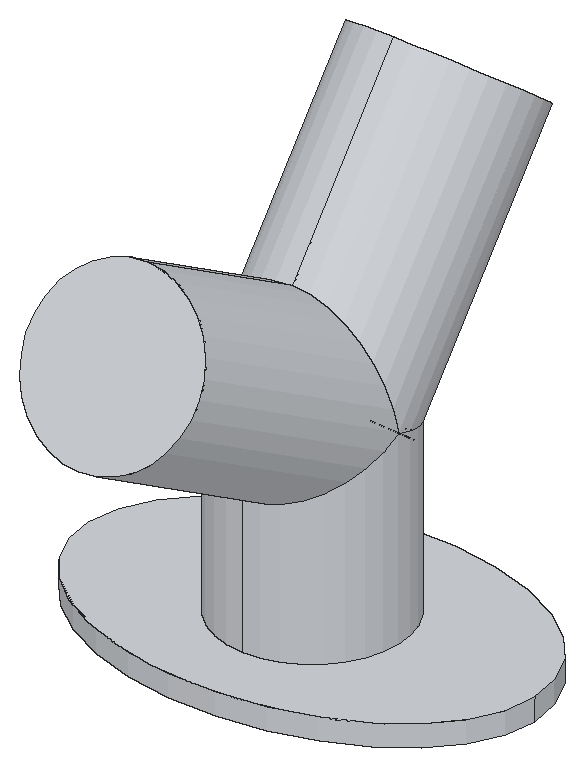
Revit family "Prier C-155", category Plumbing Fixtures, host Face, Revit 2012
Parameters (values of type "3/4" Inlet")
  Waste Connection = no
  Vent Connection = no
  URL = "http://www.prier.com/content/spec-sheets.html"
  Type Comments = if(Satin Nickel Plated, "Satin Nickel Plated", if(Rough Brass, "Rough Brass", "Custom"))  # "Satin Nickel Plated"
  Satin Nickel Plated = yes
  Rough Brass = no
  Model = "C-155"
  Manufacturer = "Prier"
  Inlet Radius = Inlet Size / 2  # 0' - 0 3/8"
  Inlet Size = 3/4"
  HW Connection = no
  Default Elevation = 2' - 0"
  Custom = no
  Code Standards = "ASSE 1019, ASSE 1052, & CUPC"
  Code Listings = "ASSE. CUPC, & IAPMO"
  CW Connection = yes
Types (3): name | Inlet Radius | Inlet Size
  (no name) | 0' - 0 3/8" | 3/4"
  3/4" Inlet | 0' - 0 3/8" | 3/4"
  1/2" Inlet | 0' - 0 1/4" | 1/2"
Reference planes (in)
  plane 1 "Center (Front/Back)": y = 0
  plane 2: z = 0
  plane 3 "Center (Left/Right)": x = 0
  plane 4 "Outlet Thread": through (0, -0.59632, 1.22303) normal (0, -0.8746, 0.4848)
  plane 5: through (0, -0.54166, 1.19273) normal (0, -0.8746, 0.4848)
  plane 6: through (0, -0.48699, 1.16243) normal (0, -0.8746, 0.4848)
  plane 7: through (0, -0.43233, 1.13213) normal (0, -0.8746, 0.4848)
  plane 8: through (0, -0.37767, 1.10183) normal (0, -0.8746, 0.4848)
  plane 9: through (0, -0.323, 1.07153) normal (0, -0.8746, 0.4848)
  plane 10: through (0, -0.26834, 1.04123) normal (0, -0.8746, 0.4848)
Forms (in)
  Extrusion 1, solid
    sketch origin (0, -1.125, 0.12906) x (0, 1, 0) y (-1, 0, 0)
      loop
        circle (1.125, 0) r 0.25
    from 0.47758 to -0.19156
  Extrusion 2, solid
    sketch origin (-35.54139, -180, 0) x (-1, 0, 0) y (0, -1, 0)
      loop
        spline (-34.89754, -180) -> (-34.91948, -179.88806) -> (-34.9838, -179.78376) -> (-35.08612, -179.69418) -> (-35.21946, -179.62545) -> (-35.37475, -179.58225) -> (-35.54139, -179.56751) -> (-35.70804, -179.58225) -> (-35.86332, -179.62545) -> (-35.99667, -179.69418) -> (-36.09899, -179.78376) -> (-36.16331, -179.88806) -> (-36.18525, -180)
        spline (-36.18525, -180) -> (-36.16331, -180.11194) -> (-36.09899, -180.21624) -> (-35.99667, -180.30582) -> (-35.86332, -180.37455) -> (-35.70804, -180.41775) -> (-35.54139, -180.43249) -> (-35.37475, -180.41775) -> (-35.21946, -180.37455) -> (-35.08612, -180.30582) -> (-34.9838, -180.21624) -> (-34.91948, -180.11194) -> (-34.89754, -180)
    from 0 to 0.0625
  Extrusion 3, solid
    sketch origin (0, -0.78318, 1.43668) x (0, 0.798636, -0.601815) y (-1, 0, 0)
      loop
        circle (1.125, 0) r 0.25
    from 0.62882 to -0.19156
  Extrusion 4, solid
    sketch origin (0, -0.71295, -0.28443) x (0, 0.48481, 0.87462) y (-1, 0, 0)
      loop
        circle (1.125, 0) r 0.25
    from 0.62882 to -0.19156
Lines and regions (in)
  symbolic lines, detail levels coarse+medium
    curve 1: line (0, 0, 9.30462) -> (0, 0, 0)
    curve 2: line (-2.25, 0, 6.6875) -> (2.25, 0, 6.6875)
  symbolic lines, not visible, detail levels coarse+medium
    curve 3: line (-2.25, -2.03519, 0) -> (2.25, -2.03519, 0)
  model lines, detail levels medium+fine
    curve 4: circle (0, -0.71752, 1.00438) r 0.25 normal (0, -0.8746, 0.4848)
    curve 5: circle (0, -0.66286, 0.97408) r 0.25 normal (0, -0.8746, 0.4848)
    curve 6: circle (0, -0.6082, 0.94378) r 0.25 normal (0, -0.8746, 0.4848)
    curve 7: circle (0, -0.55353, 0.91348) r 0.25 normal (0, -0.8746, 0.4848)
    curve 8: circle (0, -0.49887, 0.88317) r 0.25 normal (0, -0.8746, 0.4848)
    curve 9: circle (0, -0.44421, 0.85287) r 0.25 normal (0, -0.8746, 0.4848)
    curve 10: circle (0, -0.38954, 0.82257) r 0.25 normal (0, -0.8746, 0.4848)
  symbolic lines, style "PlumbingFixtures", detail levels fine
    curve 11: line (-0.25, 0, -0.05874) -> (-0.25, 0, 1.44126)
    curve 12: line (0.25, 0, -0.05874) -> (0.25, 0, 1.44126)
    curve 13: line (0.25, 0, 1.44126) -> (-0.25, 0, 1.44126)
Dimensions and locks (in)
  aligned and locked: plane 2 to host face
  aligned and locked: level to host face
Connectors (in)
  piping at (0, 0, -0.0625), driven by "Inlet Radius"
    settings: on Extrusion 1, index 1, connector radius 3/8", flow factor 0, pipe flow 0 GPM, pressure drop 0.00 psi, fitting loss kfactor 0, connector angle 0.00°, fixture units 0, engagement length 0' - 0", flow configuration 0, flow direction 1, fitting loss method 0, system type 20, joint type 0, gender type 0, connector reference index -1, connector utility 0, adjustable connector no, is connector primary yes, fitting loss table "", connector description "Cold Water Inlet"
